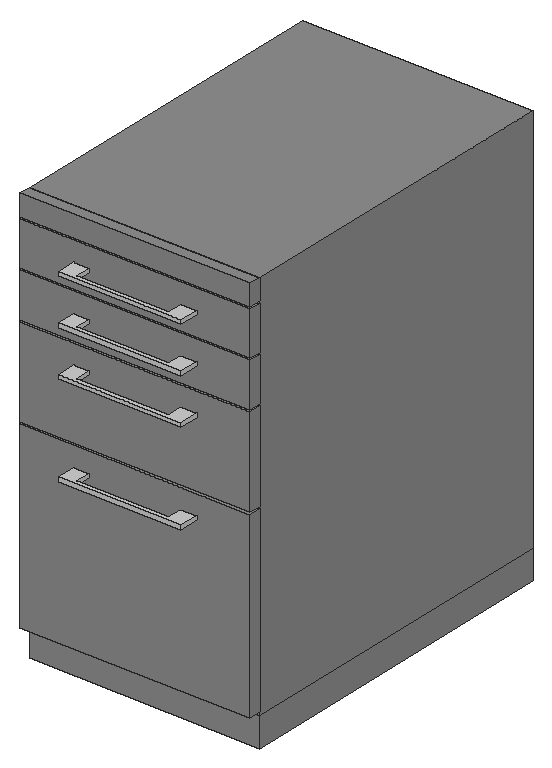
Revit family "Haworth_XSeries_Pedestal", category Furniture Systems, Revit 2018
Family settings
  Round Connector Dimension = Use Diameter
  Part Type = Normal
  OmniClass Number = 23.40.70.14.64.21
  OmniClass Title = Systems Furniture
  Work Plane-Based = No
  Always vertical = Yes
  Cut with Voids When Loaded = No
  Shared = No
  Room Calculation Point = No
Parameters (values of type "23d 15w 27h - Pencil Pencil Box File - Suspended")
  Warranty = "http://www.haworth.com/resources/product-info/warranties"
  URL - Product = "https://www.haworth.com/na/en/products/active-storage/x-series.html"
  URL = "http://www.haworth.com/"
  Tug = no
  Total Drawer Height = Actual Height - 1 3/4" - 1 1/2" - 1/8"  # 24 1/8"
  Taper Pull = no
  Sustainability Info = "https://www.haworth.com/na/en/expertise/sustainability.html"
  Size = "Verify Final Dim. w/ Haworth"  # constant formula
  Revision Number = "5"  # constant formula
  Radius Pull = no
  Pull Finish = Haworth _ Metal _ Brushed Aluminum
  Plynth Base = yes
  Pencil Pencil Box File = yes
  Pencil Box File = no
  Model = "JPHQ-24"  # constant formula
  Min. Height = 21 1/2"  # constant formula
  Min. Depth = 17"  # constant formula
  Max. Depth = 29"  # constant formula
  Max. Height = 27 3/4"  # constant formula
  Manufacturer = "Haworth"  # constant formula
  Linear Pull = yes
  J Pull = no
  Integral Pull = no
  File File = no
  Ellipse Pull = not(or(Taper Pull, Radius Pull, Linear Pull, Crescent Pull, Classic Pull, J Pull, Integral Pull))  # no
  Drawer Finish [instance] = Haworth _ Paint _ Graphite
  Drawer 4 Height = 2 7/8"  # constant formula
  Drawer 3 Offset = if(Pencil Pencil Box File, 3 1/8", 1/8")  # 3 1/8"
  Drawer 3 Height = if(Box Box File, 5 7/8", 2 7/8")  # 2 7/8"
  Drawer 2 Height = if(File File, Drawer 1 Height, 5 7/8")  # 5 7/8"
  Drawer 1 Height = 11 7/8"  # constant formula
  Description = "Haworth XSeries Pedestal"  # constant formula
  Depth = 23"
  Custom Size = not(or(Depth = 17", Depth = 23", Depth = 29"))  # no
  Cushion Finish [instance] = Haworth _ Fabric _ Tellure _ Miami 3A-33
  Cushion = no
  Crescent Pull = no
  Classic Pull = no
  Casters = not(Plynth Base)  # no
  Cabinet Finish [instance] = Haworth _ Paint _ Graphite
  Box File = not(or(Pencil Box File, Box Box File, Pencil Pencil Box File, File File))  # no
  Box Box File = no
  Author = "Haworth (Hampton), SHAPE Environments, LLC"  # constant formula
  Assembly Code = "E2020200"
  Actual Width = 15"  # constant formula
  Actual Height = if(Box File, 21 1/2", if(Pencil Box File, 24 1/2", 27 1/2"))  # 27 1/2"
  Actual Depth = if(Depth < Min. Depth, Min. Depth, if(Depth > Max. Depth, Max. Depth, Depth))  # 23"
  4 Drawers = Pencil Pencil Box File  # yes
  3 Drawers = or(Pencil Box File, Box Box File, Pencil Pencil Box File)  # yes
  2 Drawers = or(Box File, File File, Pencil Box File, Box Box File, Pencil Pencil Box File)  # yes
  Standard Depths = "17, 23, 29 in"  # constant formula
  Standard Heights = if(Box File, "21.5 in.", if(Pencil Box File, "24.5 in.", "27.5 in."))  # "27.5 in."
Types (10): name | Total Drawer Height | Plynth Base | Pencil Pencil Box File | Pencil Box File | File File | Drawer 3 Offset | Drawer 3 Height | Drawer 2 Height | Cushion | Casters | Box File | Box Box File | Actual Height | 4 Drawers | 3 Drawers | Standard Heights
  23d 15w 27h - Pencil Pencil Box File - Mobile | 24 1/8" | no | yes | no | no | 3 1/8" | 2 7/8" | 5 7/8" | yes | yes | no | no | 27 1/2" | yes | yes | "27.5 in."
  23d 15w 21h - Box File - Mobile | 18 1/8" | no | no | no | no | 1/8" | 2 7/8" | 5 7/8" | yes | yes | yes | no | 21 1/2" | no | no | "21.5 in."
  23d 15w 24h - Pencil Box File - Mobile | 21 1/8" | no | no | yes | no | 1/8" | 2 7/8" | 5 7/8" | yes | yes | no | no | 24 1/2" | no | yes | "24.5 in."
  23d 15w 27h - Box Box File - Mobile | 24 1/8" | no | no | no | no | 1/8" | 5 7/8" | 5 7/8" | yes | yes | no | yes | 27 1/2" | no | yes | "27.5 in."
  23d 15w 27h - File File - Mobile | 24 1/8" | no | no | no | yes | 1/8" | 2 7/8" | 11 7/8" | yes | yes | no | no | 27 1/2" | no | no | "27.5 in."
  23d 15w 27h - Box Box File - Suspended | 24 1/8" | yes | no | no | no | 1/8" | 5 7/8" | 5 7/8" | no | no | no | yes | 27 1/2" | no | yes | "27.5 in."
  23d 15w 24h - Pencil Box File - Suspended | 21 1/8" | yes | no | yes | no | 1/8" | 2 7/8" | 5 7/8" | no | no | no | no | 24 1/2" | no | yes | "24.5 in."
  23d 15w 21h - Box File - Suspended | 18 1/8" | yes | no | no | no | 1/8" | 2 7/8" | 5 7/8" | no | no | yes | no | 21 1/2" | no | no | "21.5 in."
  23d 15w 27h - Pencil Pencil Box File - Suspended | 24 1/8" | yes | yes | no | no | 3 1/8" | 2 7/8" | 5 7/8" | no | no | no | no | 27 1/2" | yes | yes | "27.5 in."
  23d 15w 27h - File File - Suspended | 24 1/8" | yes | no | no | yes | 1/8" | 2 7/8" | 11 7/8" | no | no | no | no | 27 1/2" | no | no | "27.5 in."
Reference planes (in)
  plane 1 "Back": y = 0
  plane 2: z = 0
  plane 3 "Center L/R": x = 0
  plane 4 "Left": x = -7.5
  plane 5 "Right": x = 7.5
  plane 6 "Front": y = -23
  plane 7 "Back of Drawers": y = -22.25
  plane 8 "Base of Cabinet": z = 1.875
  plane 9 "Top": z = 27.5
  plane 10 "Bottom of Keyed": z = 26.125
  plane 11 "Back Caster": y = -1.75
  plane 12 "Left Caster": x = -5.25
  plane 13 "Right Caster": x = 5.25
  plane 14 "Front Caster": y = -20.5
  plane 15 "Center F/B": y = -11.5
  plane 16: y = -38.00051
  plane 17: through (-0.0519, -38.00051, -82.54467) normal (0, 0.4384, -0.8988)
  plane 18: y = -37.75051
  plane 19 "Tug Location": z = 26.8125
Forms (in)
  Extrusion 1, solid, material "Haworth _ Paint _ Graphite" <- "Cabinet Finish"
    sketch origin (0, 0, 0) x (1, 0, 0) y (0, 1, 0)
      loop
        line (-7.5, 0) -> (-7.5, -22.25) -> (7.5, -22.25) -> (7.5, 0) -> (-7.5, 0)
    from 1.875 to 27.5
  Extrusion 2, solid, material "Haworth _ Paint _ Graphite" <- "Drawer Finish"
    sketch origin (0, 0, 0) x (1, 0, 0) y (0, 1, 0)
      loop
        line (-7.5, -23) -> (7.5, -23) -> (7.5, -22.25) -> (-7.5, -22.25) -> (-7.5, -23)
    from 26.125 to 27.5
  Extrusion 3, solid, material "Haworth _ Paint _ Graphite" <- "Cabinet Finish", visible <- "Plynth Base"
    sketch origin (0, 0, 0) x (1, 0, 0) y (0, 1, 0)
      loop
        line (-7.5, 0) -> (-7.5, -22.25) -> (7.5, -22.25) -> (7.5, 0) -> (-7.5, 0)
    from 0 to 1.875
Lines and regions (in)
  Masking region 1
    outline origin (0, 0, 27.5) x (-1, 0, 0) y (0, -1, 0)
      loop
        line (7.5, 0) -> (7.5, 23) -> (-7.5, 23) -> (-7.5, 0) -> (7.5, 0)
Dimensions and locks (in)
  equal spacing: plane 4 "Left", plane 3 "Center L/R", plane 5 "Right"
  "Actual Width": plane 4 "Left" to plane 5 "Right"
  "Actual Depth": plane 1 "Back" to plane 6 "Front"
  locked: plane 7 "Back of Drawers" to plane 6 "Front" at 0.75
  locked: plane 8 "Base of Cabinet" to level at 1.875
  "Actual Height": plane 9 "Top" to level
  locked: plane 9 "Top" to plane 10 "Bottom of Keyed" at 1.375
  locked: plane 1 "Back" to plane 11 "Back Caster" at 1.75
  locked: plane 4 "Left" to plane 12 "Left Caster" at 2.25
  locked: plane 13 "Right Caster" to plane 5 "Right" at 2.25
  locked: plane 14 "Front Caster" to plane 7 "Back of Drawers" at 1.75
  equal spacing: plane 1 "Back", plane 15 "Center F/B", plane 6 "Front"
  equal spacing: plane 9 "Top", plane 19 "Tug Location", plane 10 "Bottom of Keyed"
  locked: nested 10 to nested 7 at 0.125
  locked: nested 7 to plane 8 "Base of Cabinet" at 0.25
  locked: plane 10 "Bottom of Keyed" to nested 8 at 0.125
  "Drawer 3 Offset": plane 10 "Bottom of Keyed" to nested 9
  aligned and locked: plane 4 "Left" to Extrusion 1 sketch curve
  aligned and locked: plane 1 "Back" to Extrusion 1 sketch curve
  aligned and locked: plane 7 "Back of Drawers" to Extrusion 1 sketch curve
  aligned and locked: plane 5 "Right" to Extrusion 1 sketch curve
  aligned and locked: plane 9 "Top" to Extrusion 1
  aligned and locked: Extrusion 1 to plane 8 "Base of Cabinet"
  aligned and locked: plane 4 "Left" to Extrusion 2 sketch curve
  aligned and locked: Extrusion 2 sketch curve to plane 6 "Front"
  aligned and locked: Extrusion 2 sketch curve to plane 5 "Right"
  aligned and locked: plane 7 "Back of Drawers" to Extrusion 2 sketch curve
  aligned and locked: plane 9 "Top" to Extrusion 2
  aligned and locked: Extrusion 2 to plane 10 "Bottom of Keyed"
  aligned and locked: plane 12 "Left Caster" to nested 1
  aligned and locked: nested 1 to plane 11 "Back Caster"
  aligned and locked: nested 2 to plane 13 "Right Caster"
  aligned and locked: plane 14 "Front Caster" to nested 4
  aligned and locked: plane 12 "Left Caster" to nested 3
  aligned and locked: nested 3 to plane 14 "Front Caster"
  aligned and locked: nested 4 to plane 13 "Right Caster"
  aligned and locked: plane 11 "Back Caster" to nested 2
  aligned: plane 3 "Center L/R" to nested 5
  aligned: nested 5 to plane 15 "Center F/B"
  aligned and locked: plane 3 "Center L/R" to nested 5
  aligned and locked: plane 15 "Center F/B" to nested 5
  aligned and locked: nested 5 to plane 9 "Top"
  aligned and locked: plane 5 "Right" to Extrusion 3 sketch curve
  aligned and locked: plane 7 "Back of Drawers" to Extrusion 3 sketch curve
  aligned and locked: plane 4 "Left" to Extrusion 3 sketch curve
  aligned and locked: plane 1 "Back" to Extrusion 3 sketch curve
  aligned and locked: plane 8 "Base of Cabinet" to Extrusion 3
  aligned and locked: plane 3 "Center L/R" to nested 6
  aligned and locked: nested 6 to plane 6 "Front"
  aligned and locked: plane 19 "Tug Location" to nested 6
  aligned and locked: plane 3 "Center L/R" to nested 7
  aligned: plane 8 "Base of Cabinet" to nested 7
  aligned and locked: nested 7 to plane 7 "Back of Drawers"
  aligned: plane 10 "Bottom of Keyed" to nested 8
  aligned and locked: nested 10 to plane 7 "Back of Drawers"
  aligned and locked: nested 9 to plane 7 "Back of Drawers"
  aligned and locked: nested 8 to plane 7 "Back of Drawers"
  aligned and locked: nested 5 to Masking region 1 sketch curve
  aligned and locked: Masking region 1 sketch curve to Extrusion 1
  aligned and locked: Extrusion 2 to Masking region 1 sketch curve
  aligned and locked: Masking region 1 sketch curve to nested 5
  aligned and locked: Extrusion 3 to plane 2
Nested families (in)
  nested 1: "Haworth_Caster" at (-5.25, -1.75, 0), visible <- "Casters", type "Caster"
  nested 2: "Haworth_Caster" at (5.25, -1.75, 0) x (-1, 0, 0) z (0, 0, 1), visible <- "Casters", type "Caster"
  nested 3: "Haworth_Caster" at (-5.25, -20.5, 0), visible <- "Casters", type "Caster"
  nested 4: "Haworth_Caster" at (5.25, -20.5, 0) x (-1, 0, 0) z (0, 0, 1), visible <- "Casters", type "Caster"
  nested 5: "Haworth_Cushion" at (0, -11.5, -3.5), visible <- "Cushion", type "Haworth_Cushion"
    with Actual Width 15", Actual Depth 23"
  nested 6: "Haworth Tug" at (0, -23, 26.8125), visible <- "Tug", type "Haworth Tug"
  nested 7: "Haworth_Drawer" at (0, -22.25, 2.125), Drawer Height <- "Drawer 1 Height", type "Haworth_Drawer"
    with J Pull Drawer no, Drawer Height 11 7/8", Pull Linear yes, Pull Height 1 7/16", Pull Ellipse no, Drawer Width 15"
  nested 8: "Haworth_Drawer" at (0, -22.25, 23.125), Drawer Height <- "Drawer 4 Height", visible <- "4 Drawers", type "Haworth_Drawer"
    with J Pull Drawer no, Drawer Height 2 7/8", Pull Linear yes, Pull Height 1 7/16", Pull Ellipse no, Drawer Width 15"
  nested 9: "Haworth_Drawer" at (0, -22.25, 20.125), Drawer Height <- "Drawer 3 Height", visible <- "3 Drawers", type "Haworth_Drawer"
    with J Pull Drawer no, Drawer Height 2 7/8", Pull Linear yes, Pull Height 1 7/16", Pull Ellipse no, Drawer Width 15"
  nested 10: "Haworth_Drawer" at (0, -22.25, 14.125), Drawer Height <- "Drawer 2 Height", visible <- "2 Drawers", type "Haworth_Drawer"
    with J Pull Drawer no, Drawer Height 5 7/8", Pull Linear yes, Pull Height 1 7/16", Pull Ellipse no, Drawer Width 15"
Definition of nested family "Haworth_Caster"
  Parameters
    Radius = 23/32"
    Height = 1 7/8"
    Center Radius = Radius - 1/8"  # 19/32"
    Assembly Code = ""
  Reference planes (in)
    plane 1 "Center (Front/Back)": y = 0
    plane 2: z = 0
    plane 3 "Center (Left/Right)": x = 0
  Forms (in)
    Extrusion 1, solid
      sketch origin (0, 0, -0.02118) x (0, 1, 0) y (0, 0, 1)
        loop
          circle (-0.48695, 0.73993) r 0.71875
      from 0.875 to 0.3125
    Extrusion 2, solid
      sketch origin (0, 0, -0.02118) x (0, 1, 0) y (0, 0, 1)
        loop
          circle (-0.48695, 0.73993) r 0.71875
      from -0.875 to -0.3125
    Extrusion 3, solid
      sketch origin (0, 0, 0) x (0, 1, 0) y (0, 0, 1)
        loop
          circle (-0.48695, 0.71875) r 0.59375
      from -0.3125 to 0.3125
    Extrusion 4, solid
      sketch origin (0, 0, 0) x (1, 0, 0) y (0, 1, 0)
        loop
          circle (0, 0) r 0.25
      from 0.71875 to 1.875
  Cuts and joins
    joined: Extrusion 3, Extrusion 4
  Dimensions and locks (in)
    plane 3 "Center (Left/Right)" to Extrusion 2 = 5/16"
    Extrusion 1 to plane 3 "Center (Left/Right)" = 7/8"
    "Height": cut or joined group of Extrusion 3, Extrusion 4 to level
    "Radius": Extrusion 1 sketch curve to level
    "Radius": Extrusion 2 sketch curve to level
    "Radius": Extrusion 3 sketch curve to level
    "Radius": cut or joined group of Extrusion 3, Extrusion 4 to level
    "Radius": radius of Extrusion 2 sketch curve
    "Radius": radius of Extrusion 1 sketch curve
    "Center Radius": radius of Extrusion 3 sketch curve
  Automatic sketch dimensions
    plane 1 "Center (Front/Back)" to Extrusion 1 sketch curve = 0.48695"
    plane 1 "Center (Front/Back)" to Extrusion 2 sketch curve = 0.48695"
    plane 1 "Center (Front/Back)" to Extrusion 3 sketch curve = 0.48695"
    plane 1 "Center (Front/Back)" to Extrusion 4 sketch curve = 0"
    Extrusion 4 sketch curve to plane 3 "Center (Left/Right)" = 0"
    radius of Extrusion 4 sketch curve = 1/4"
Definition of nested family "Haworth_Cushion"
  Parameters
    Warranty = ""
    URL - Product = ""
    URL = "www.haworth.com"
    Cushion Thickness = 3/4"
    Sustainability Info = ""
    Size = "Verify Final Dim. w/ Haworth"  # constant formula
    Revision Number = "1"  # constant formula
    OmniClass Number = "23.40.70.14"  # constant formula
    Mounting Offset [instance] = 31"
    Min/Max Width = "30 or 36 in."  # constant formula
    Min/Max Depth = "18 or 24 in."  # constant formula
    Material Options = ""
    Manufacturer = "Haworth"  # constant formula
    LEED Data = ""
    Storage Top Finish = none
    Author = "SHAPE Environments, LLC"  # constant formula
    Assembly Code = "E2020200"
    Actual Width = 14 3/4"
    Actual Depth = 21 3/4"
  Reference planes (in)
    plane 1 "Storage Top Center F/B": y = 0
    plane 2: z = 0
    plane 3 "Storage Top Center L/R": x = 0
    plane 4 "Left": x = -7.375
    plane 5 "Back": y = 10.875
    plane 6 "Front": y = -10.875
    plane 7 "Right": x = 7.375
    plane 8 "Top": z = 31.75
    plane 9 "Bottom": z = 31
  Forms (in)
    Extrusion 1, solid, material <- "Storage Top Finish"
      sketch origin (-36.03948, -180, 31) x (-1, 0, 0) y (0, -1, 0)
        loop
          arc (-29.16448, -190.875) -> (-28.81093, -190.72855) -> (-28.66448, -190.375) r 0.5
          line (-28.66448, -190.375) -> (-28.66448, -169.625)
          arc (-28.66448, -169.625) -> (-28.81093, -169.27145) -> (-29.16448, -169.125) r 0.5
          line (-29.16448, -169.125) -> (-42.91448, -169.125)
          arc (-42.91448, -169.125) -> (-43.26804, -169.27145) -> (-43.41448, -169.625) r 0.5
          line (-43.41448, -169.625) -> (-43.41448, -190.375)
          arc (-43.41448, -190.375) -> (-43.26804, -190.72855) -> (-42.91448, -190.875) r 0.5
          line (-42.91448, -190.875) -> (-29.16448, -190.875)
      from 0 to 0.75
  Dimensions and locks (in)
    equal spacing: plane 5 "Back", plane 1 "Storage Top Center F/B", plane 6 "Front"
    "Actual Depth": plane 5 "Back" to plane 6 "Front"
    equal spacing: plane 4 "Left", plane 3 "Storage Top Center L/R", plane 7 "Right"
    "Actual Width": plane 4 "Left" to plane 7 "Right"
    "Mounting Offset": plane 9 "Bottom" to level
    "Cushion Thickness": plane 8 "Top" to plane 9 "Bottom"
    aligned and locked: plane 5 "Back" to Extrusion 1 sketch curve
    aligned and locked: plane 7 "Right" to Extrusion 1 sketch curve
    aligned and locked: plane 6 "Front" to Extrusion 1 sketch curve
    aligned and locked: plane 4 "Left" to Extrusion 1 sketch curve
    aligned and locked: plane 8 "Top" to Extrusion 1
    aligned and locked: Extrusion 1 to plane 5 "Back"
    aligned and locked: Extrusion 1 to plane 9 "Bottom"
  Automatic sketch dimensions
    plane 7 "Right" to Extrusion 1 sketch curve = 1/2"  (x2)
    plane 4 "Left" to Extrusion 1 sketch curve = 1/2"  (x2)
Definition of nested family "Haworth Tug"
  Parameters
    Tug Material = none
  Reference planes (in)
    plane 1 "Center (Front/Back)": y = 0
    plane 2: z = 0
    plane 3 "Center (Left/Right)": x = 0
  Forms (in)
    Sweep 1, solid, material <- "Tug Material"
      path in 3D
        loop
          line (4, 0, 0) -> (4, -0.625, 0) -> (4, -1.75, 1.13089) -> (-4, -1.75, 1.13089) -> (-4, -0.625, 0) -> (-4, 0, 0)
      profile origin (-4, -0.3125, 0) x (-1, 0, 0) y (0, 0, 1)
        loop
          circle (0, 0) r 0.1875
  Lines and regions (in)
    sketch lines
      curve 1: line (-4, -0.625, 0) -> (-4, 0, 0)
      curve 2: line (-4, -1.75, 1.13089) -> (-4, -0.625, 0)
      curve 3: line (-4, -1.75, 1.13089) -> (4, -1.75, 1.13089)
      curve 4: line (4, -0.625, 0) -> (4, -1.75, 1.13089)
      curve 5: line (4, 0, 0) -> (4, -0.625, 0)
Definition of nested family "Haworth_Drawer"
  Parameters
    Pull Taper = no
    Pull Radius = no
    Pull Patterns = no
    Pull Linear = no
    Pull Height = if(Pull Ellipse, 11/64", if(Pull Radius, 1 3/16", if(Pull Taper, 3/4", 1 7/16")))  # 11/64"
    Pull Finish = none
    Pull Ellipse = yes
    Pull Crescent = no
    Pull Classic = no
    J Pull Drawer [instance] = J Pull  # no
    J Pull = no
    Integral Pull Location = if(Integral Pull, 3 5/8", 1")  # 1"
    Integral Pull = no
    Front Finish = none
    Drawer Width = 14 7/8"
    Flush Drawer = not(J Pull)  # yes
    Drawer Height [instance] = 12"
    Drawer Finish = none
    Assembly Code = ""
  Reference planes (in)
    plane 1 "Drawer Back": y = 0
    plane 2: z = 0
    plane 3 "Center L/R": x = 0
    plane 4 "Drawer Front": y = -0.75
    plane 5 "Left": x = -7.4375
    plane 6 "Right": x = 7.4375
    plane 7 "Top": z = 12
    plane 8: y = -4
    plane 9: y = -3
    plane 10 "Integral Top": z = 11.54688
    plane 11 "Pull Location": z = 11.82813
    plane 12 "Integral Bottom": z = 12.10937
  Forms (in)
    Extrusion 1, solid, material <- "Drawer Finish", visible <- "J Pull Drawer"
      sketch origin (-7.4375, 0, 0) x (0, 1, 0) y (0, 0, 1)
        loop
          line (0, 12) -> (-0.25, 12) -> (-0.25, 11.4375) -> (-0.75, 11.4375) -> (-0.75, 0) -> (0, 0) -> (0, 12)
      from 0 to 14.875
    Extrusion 2, solid, material <- "Drawer Finish", visible <- "Flush Drawer"
      sketch origin (-7.4375, 0, 2.25) x (0, 1, 0) y (0, 0, 1)
        loop
          line (0, 9.75) -> (-0.75, 9.75) -> (-0.75, -2.25) -> (0, -2.25) -> (0, 9.75)
      from 0 to 14.875
    Extrusion 3, void
      sketch origin (0, -0.75, 0) x (-1, 0, 0) y (0, 0, 1)
        loop
          line (4, 11.54688) -> (4, 12.10937) -> (-4, 12.10937) -> (-4, 11.54688) -> (4, 11.54688)
      from -3.25 to -2.25
  Cuts and joins
    Extrusion 3 cuts Extrusion 1
    Extrusion 3 cuts Extrusion 2
  Dimensions and locks (in)
    equal spacing: plane 5 "Left", plane 3 "Center L/R", plane 6 "Right"
    "Drawer Width": plane 5 "Left" to plane 6 "Right"
    locked: plane 1 "Drawer Back" to plane 4 "Drawer Front" at 0.75
    "Drawer Height": plane 7 "Top" to level
    locked: plane 8 to plane 1 "Drawer Back" at 4
    "Integral Pull Location": plane 8 to plane 9
    equal spacing: Extrusion 3 sketch curve, plane 3 "Center L/R", Extrusion 3 sketch curve
    locked: Extrusion 3 sketch curve to Extrusion 3 sketch curve at 8
    "Pull Height": plane 7 "Top" to plane 11 "Pull Location"
    equal spacing: plane 12 "Integral Bottom", plane 11 "Pull Location", plane 10 "Integral Top"
    locked: plane 12 "Integral Bottom" to plane 10 "Integral Top" at 0.5625
    aligned and locked: Extrusion 1 sketch curve to plane 1 "Drawer Back"
    aligned and locked: Extrusion 1 sketch curve to plane 2
    aligned and locked: Extrusion 1 sketch curve to plane 4 "Drawer Front"
    aligned and locked: Extrusion 1 to plane 6 "Right"
    aligned and locked: Extrusion 2 to plane 6 "Right"
    aligned and locked: plane 1 "Drawer Back" to Extrusion 2 sketch curve
    aligned and locked: plane 7 "Top" to Extrusion 2 sketch curve
    aligned and locked: level to Extrusion 2 sketch curve
    aligned and locked: Extrusion 2 sketch curve to plane 4 "Drawer Front"
    aligned: plane 7 "Top" to nested 1
    aligned: Extrusion 3 to plane 8
    aligned: plane 9 to Extrusion 3
    aligned and locked: nested 1 to plane 4 "Drawer Front"
    aligned and locked: plane 12 "Integral Bottom" to Extrusion 3 sketch curve
    aligned and locked: nested 1 to plane 11 "Pull Location"
    aligned and locked: plane 3 "Center L/R" to nested 1
    aligned and locked: plane 9 to Extrusion 3
  Automatic sketch dimensions
    Extrusion 1 sketch curve to plane 7 "Top" = 0"
    plane 1 "Drawer Back" to Extrusion 1 sketch curve = 1/4"
    Extrusion 1 sketch curve to Extrusion 1 sketch curve = 9/16"
    Extrusion 3 sketch curve to plane 10 "Integral Top" = 0"
  Nested families (in)
    nested 1: "Haworth_Drawer-Pulls" at (0, -0.75, 11.82813), type "Pull", detail levels medium+fine
      with Linear no, Ellipse yes
  Definition of nested family "Haworth_Drawer-Pulls"
    Parameters
      Taper = no
      Radius = no
      Patterns = no
      Linear = yes
      Handle Finish = none
      Ellipse = no
      Cresent = no
      Classic = no
      Assembly Code = ""
    Reference planes (in)
      plane 1 "Center Front/Back": y = 0
      plane 2: z = 0
      plane 3 "Center Left/Right": x = 0
    Forms (in)
      Extrusion 1, solid, material <- "Handle Finish", visible <- "Ellipse"
        sketch origin (0, 0, 0.15915) x (0, 1, 0) y (0, 0, 1)
          loop
            arc (-0.03015, 0) -> (-0.26713, -0.02983) -> (-0.49038, -0.11475) r 1.00501
            arc (-0.49038, -0.11475) -> (-0.65216, -0.22112) -> (-0.78985, -0.35725) r 0.97894
            arc (-0.78985, -0.35725) -> (-0.87314, -0.47263) -> (-0.94033, -0.59807) r 1.0667
            arc (-0.94033, -0.59807) -> (-0.90977, -0.66145) -> (-0.84562, -0.63254) r 0.05041
            arc (-0.84562, -0.63254) -> (-0.67669, -0.39049) -> (-0.44702, -0.20509) r 1.04885
            arc (-0.44702, -0.20509) -> (-0.35012, -0.16094) -> (-0.24858, -0.12892) r 0.8735
            arc (-0.24858, -0.12892) -> (-0.16053, -0.15188) -> (-0.11419, -0.23018) r 0.11948
            arc (-0.11419, -0.23018) -> (-0.0664, -0.27738) -> (0, -0.26729) r 0.07488
            line (0, -0.26729) -> (0, -0.05102) -> (-0.03015, 0)
        from -6.51863 to 6.51698
      Extrusion 2, void
        sketch origin (0, 0, 0.15915) x (1, 0, 0) y (0, 1, 0)
          loop
            line (-6.49996, 0) -> (-6.67266, 0) -> (-6.67266, -1.11616) -> (6.67266, -1.11616) -> (6.67266, 0) -> (6.49996, 0)
            arc (6.49996, 0) -> (6.46575, -0.17809) -> (6.37201, -0.33332) r 0.51574
            arc (6.37201, -0.33332) -> (6.23583, -0.44508) -> (6.07096, -0.50713) r 0.54076
            arc (6.07096, -0.50713) -> (4.5721, -0.7479) -> (3.05951, -0.87689) r 20.46435
            arc (3.05951, -0.87689) -> (0, -0.95029) -> (-3.05951, -0.87689) r 63.79827
            arc (-3.05951, -0.87689) -> (-4.5721, -0.7479) -> (-6.07096, -0.50713) r 20.46435
            arc (-6.07096, -0.50713) -> (-6.23583, -0.44508) -> (-6.37201, -0.33332) r 0.54076
            arc (-6.37201, -0.33332) -> (-6.46575, -0.17809) -> (-6.49996, 0) r 0.51574
        from 0 to -0.90865
      Blend 3, solid, material <- "Handle Finish", visible <- "Radius"
        base sketch origin (0, 0, 0.3125) x (0, 1, 0) y (0, 0, -1)
          loop
            line (0, 0) -> (0, 0.625) -> (-0.40339, 0.625)
            arc (-0.40339, 0.625) -> (-0.71589, 0.3125) -> (-0.40339, 0) r 0.3125
            line (-0.40339, 0) -> (0, 0)
        top sketch origin (0, 0, 0.3125) x (0, 1, 0) y (0, 0, -1)
          loop
            line (0, 0) -> (0, 0.625) -> (-0.77884, 0.625)
            arc (-0.77884, 0.625) -> (-1.09134, 0.3125) -> (-0.77884, 0) r 0.3125
            line (-0.77884, 0) -> (0, 0)
        from -4.875 to -3.625
      Sweep 4, solid, material <- "Handle Finish", visible <- "Radius"
        path origin (0, 0, 0) x (1, 0, 0) y (0, 1, 0)
          loop
            arc (-4.875, -0.71589) -> (0, -1.5425) -> (4.875, -0.71589) r 14.78881
        profile origin (0, -1.5425, 0) x (0, 1, 0) y (0, 0, 1)
          loop
            circle (0.3125, 0) r 0.30469
      Extrusion 5, solid, material <- "Handle Finish", visible <- "Taper"
        sketch origin (0, 0, 0.27281) x (0, 1, 0) y (0, 0, 1)
          loop
            line (0, 0) -> (-0.875, 0)
            arc (-0.875, 0) -> (-0.96339, -0.03661) -> (-1, -0.125) r 0.125
            line (-1, -0.125) -> (-1, -0.7) -> (-0.96886, -0.7) -> (-0.96886, -0.1251)
            arc (-0.96886, -0.1251) -> (-0.94137, -0.05874) -> (-0.875, -0.03125) r 0.09386
            line (-0.875, -0.03125) -> (-0.03125, -0.03125) -> (-0.03125, -0.53) -> (0, -0.53) -> (0, 0)
        from -6.5565 to 6.5565
      Extrusion 6, void
        sketch origin (0, 0, 0.27281) x (1, 0, 0) y (0, 0, 1)
          loop
            arc (-5.23353, -0.7191) -> (-5.99714, -0.52453) -> (-6.57454, 0.01172) r 1.59575
            line (-6.57454, 0.01172) -> (-6.85981, 0.01172) -> (-6.85981, -1) -> (6.85981, -1) -> (6.85981, 0.01172) -> (6.57454, 0.01172)
            arc (6.57454, 0.01172) -> (5.99714, -0.52453) -> (5.23353, -0.7191) r 1.59575
            line (5.23353, -0.7191) -> (-5.23353, -0.7191)
        from 0 to 2.20115
      Sweep 7, solid, material <- "Handle Finish", visible <- "Cresent"
        path origin (0, 0, 0.125) x (1, 0, 0) y (0, 1, 0)
          loop
            arc (-3.80272, 0.04) -> (0, -1.24998) -> (3.80273, 0.04) r 6.25
        profile origin (0, -1.24998, 0.125) x (0, 1, 0) y (0, 0, 1)
          loop
            circle (0.125, -0.125) r 0.125
      Extrusion 8, void
        sketch origin (0, 0, 0.125) x (1, 0, 0) y (0, 1, 0)
          loop
            line (-3.94545, 0) -> (3.94399, 0) -> (3.94399, 0.32073) -> (-3.94545, 0.32073) -> (-3.94545, 0)
        from 0.03472 to -0.28458
      Extrusion 9, solid, material <- "Handle Finish", visible <- "Linear"
        sketch origin (0, 0, 0.125) x (1, 0, 0) y (0, 1, 0)
          loop
            line (-4, 0) -> (-4, -1.25) -> (4, -1.25) -> (4, 0) -> (3, 0) -> (3, -1) -> (-3, -1) -> (-3, 0) -> (-4, 0)
        from 0 to -0.25
      Extrusion 10, solid, material <- "Handle Finish", visible <- "Classic"
        sketch origin (0, 0, 0.375) x (1, 0, 0) y (0, 0, 1)
          loop
            line (-3.375, 0) -> (-3.375, -0.75)
            arc (-3.375, -0.75) -> (-3, -0.375) -> (-3.375, 0) r 0.375
        from 0 to 1
      Extrusion 11, solid, material <- "Handle Finish", visible <- "Classic"
        sketch origin (0, 0, 0.375) x (-1, 0, 0) y (0, 0, -1)
          loop
            arc (-3.375, 0) -> (-3, 0.375) -> (-3.375, 0.75) r 0.375
            line (-3.375, 0.75) -> (-3.375, 0)
        from 0 to 1
      Extrusion 12, solid, material <- "Handle Finish", visible <- "Classic"
        sketch origin (0, 0, 0.375) x (1, 0, 0) y (0, 0, 1)
          loop
            line (-3.375, 0) -> (-3.375, -0.75) -> (3.375, -0.75) -> (3.375, 0) -> (-3.375, 0)
        from 1 to 1.25
      Blend 13, solid, material <- "Handle Finish", visible <- "Radius"
        base sketch origin (0, 0, 0.3125) x (0, 1, 0) y (0, 0, 1)
          loop
            line (0, 0) -> (-0.40339, 0)
            arc (-0.40339, 0) -> (-0.71589, -0.3125) -> (-0.40339, -0.625) r 0.3125
            line (-0.40339, -0.625) -> (0, -0.625) -> (0, 0)
        top sketch origin (0, 0, 0.3125) x (0, 1, 0) y (0, 0, 1)
          loop
            line (0, 0) -> (-0.77884, 0)
            arc (-0.77884, 0) -> (-1.09134, -0.3125) -> (-0.77884, -0.625) r 0.3125
            line (-0.77884, -0.625) -> (0, -0.625) -> (0, 0)
        from -4.875 to -3.625
      Extrusion 14, solid, material <- "Handle Finish", visible <- "Patterns"
        sketch origin (0, 0, 0.27281) x (0, 1, 0) y (0, 0, 1)
          loop
            line (0, 0) -> (-0.875, 0)
            arc (-0.875, 0) -> (-0.96339, -0.03661) -> (-1, -0.125) r 0.125
            line (-1, -0.125) -> (-1, -0.7) -> (-0.96886, -0.7) -> (-0.96886, -0.1251)
            arc (-0.96886, -0.1251) -> (-0.94137, -0.05874) -> (-0.875, -0.03125) r 0.09386
            line (-0.875, -0.03125) -> (-0.03125, -0.03125) -> (-0.03125, -0.53) -> (0, -0.53) -> (0, 0)
        from -4 to 4
    Cuts and joins
      Extrusion 2 cuts Extrusion 1
      joined: Extrusion 10, Extrusion 11, Extrusion 12
      Extrusion 6 cuts Extrusion 5
      Extrusion 8 cuts Sweep 7
      joined: Blend 3, Sweep 4, Blend 13
